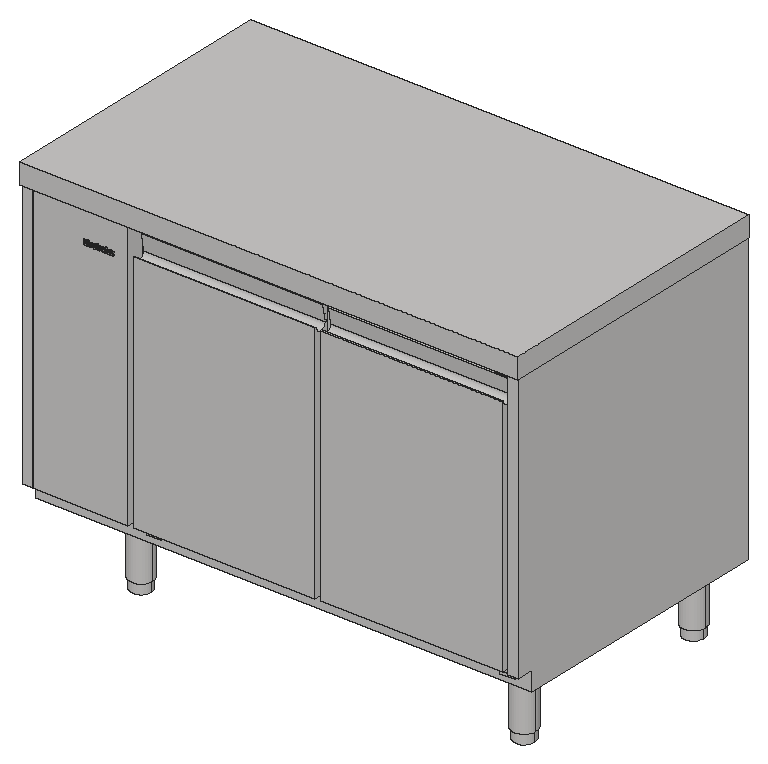
Revit family "QF_ELECTROLUXPROFESSIONAL_710297_EH2MRAA", category Specialty Equipment, Revit 2018
Family settings
  Round Connector Dimension = Use Diameter
  Part Type = Normal
  Work Plane-Based = No
  Always vertical = Yes
  Cut with Voids When Loaded = No
  Shared = No
  Room Calculation Point = No
Parameters
  Weight = 0.00 kg
  Watts = 0 W
  Volts = 220 V
  URL Manufacturer = "http://professional.electrolux.com/"
  URL = "http://professional.electrolux.com/"
  Steam Supply Size = 0 mm
  Steam Supply Minimum Pressure = 0.0 Pa
  Steam Supply Maximum Pressure = 0.0 Pa
  Steam Pounds per Hour = 0
  Show Logo [instance] = yes
  Show Clearance [instance] = yes
  Refrigeration Suction Line Size = 0 mm
  Refrigeration Liquid Line Size = 0 mm
  Refrigerant Compressor Remote = yes
  Manufacturer = "Electrolux"
  Phase = 1
  Model = "EH2KRAA"
  Length Actual = 1207 mm  # constant formula
  Item Number = "710096"
  Hot Water Size = 0 mm
  Height Actual = 900 mm  # constant formula
  HP = "0.1 HP"
  Gas Size = 0 mm
  Gas KW = 0
  Gas Input Pressure = 0 W
  Direct Waste Size = 0 mm
  Description = "FREEZER COUNTER 290 LT,2 DOORS,REMOTE"
  Depth Actual = 700 mm  # constant formula
  Cycle = 0 Hz
  Condensate Return Size = 0 mm
  Compressed Air Volume = 0.0 L/s
  Compressed Air Size = 0 mm
  Compressed Air Pressure = 0.0 Pa
  Cold Water Size = 0 mm
  Accessory = yes
Reference planes
  plane 1 "Center X": y = 182.5
  plane 2: z = 0
  plane 3 "Center Y": x = -57.5
  plane 4: y = -62.5
  plane 5: y = 451.5
  plane 6 "BACK": y = 532.5
  plane 7 "FRONT": y = -167.5
  plane 8: x = -452
  plane 9: x = 478
  plane 10: z = 150
  plane 11 "TOP": z = 900
  plane 12: z = 850
  plane 13: x = -659
  plane 14: x = 544
  plane 15 "LEFT": x = -661
  plane 16 "RIGHT": x = 546
Forms (mm)
  Extrusion 1, solid, material "QF_Finishes_Stainless Steel"
    sketch origin (-57.5, 2, 0) x (0, 1, 0) y (0, 0, 1)
      loop
        line (530.5, 150) -> (530.5, 850) -> (-124.5, 850) -> (-124.5, 150) -> (530.5, 150)
    from -601.5 to 601.5
  Extrusion 2, solid, material "QF_Finishes_Stainless Steel"
    sketch origin (-1022.223, -1524, 150) x (-1, 0, 0) y (0, -1, 0)
      loop
        line (-363.223, -1361.5) -> (-388.223, -1361.5) -> (-388.223, -1401.5) -> (-363.223, -1401.5) -> (-363.223, -1361.5)
      loop
        line (-1566.223, -1401.5) -> (-1541.223, -1401.5) -> (-1541.223, -1361.5) -> (-1566.223, -1361.5) -> (-1566.223, -1401.5)
    from 47 to 700
  Extrusion 3, solid, material "QF_Finishes_Stainless Steel"
    sketch origin (0, 0, 900) x (-1, 0, 0) y (0, -1, 0)
      loop
        circle (-57, -94.5) r 8.45
    from -790.577 to -750
  Extrusion 4, solid, material "QF_Finishes_Stainless Steel"
    sketch origin (0, 0, 0) x (1, 0, 0) y (0, 1, 0)
      loop
        circle (-594, 207.5) r 8.45
    from 127.77 to 150
  Extrusion 5, solid, material "QF_Finishes_Stainless Steel"
    sketch origin (0, 0, 0) x (1, 0, 0) y (0, 1, 0)
      loop
        circle (-578, 162.5) r 4.75
    from 347 to 367
  Extrusion 6, solid, material "QF_Finishes_Stainless Steel"
    sketch origin (0, 0, 0) x (1, 0, 0) y (0, 1, 0)
      loop
        circle (-531, 4.5) r 4
    from 709 to 729
  Extrusion 7, solid, material "QF_Finishes_Stainless Steel"
    sketch origin (0, 0, 0) x (1, 0, 0) y (0, 1, 0)
      loop
        circle (-553, 159.5) r 4
    from 397 to 417
  Extrusion 8, solid, material "QF_Finishes_Stainless Steel"
    sketch origin (-57.5, 0, 0) x (0, 1, 0) y (0, 0, 1)
      loop
        line (-167.5, 900) -> (-167.5, 850) -> (532.5, 850) -> (532.5, 900) -> (-167.5, 900)
    from -603.5 to 603.5
Cuts and joins
  joined: Extrusion 1, Extrusion 2
Lines and regions (mm)
  symbolic lines, style "SpecialityEquipmentHiddenLines"
    curve 1: line (-661, -122.5, 900) -> (546, -122.5, 900)
    curve 2: line (-396, -167.5, 900) -> (-396, -122.5, 900)
  symbolic lines, style "SpecialityEquipment"
    curve 3: line (-661, 532.5, 900) -> (546, 532.5, 900)
    curve 4: line (-661, 532.5, 900) -> (-661, -167.5, 900)
    curve 5: line (-661, -167.5, 900) -> (546, -167.5, 900)
    curve 6: line (546, -167.5, 900) -> (546, 532.5, 900)
Dimensions and locks
  locked: plane 6 "BACK" to plane 7 "FRONT" at 700
  equal spacing: plane 6 "BACK", plane 1 "Center X", plane 7 "FRONT"
  locked: plane 6 "BACK" to plane 5 at 81
  plane 10 to level = 150 mm
  plane 11 "TOP" to plane 12 to plane 10 = 50 mm locked, 700 mm locked
  locked: Extrusion 2 sketch curve to Extrusion 2 sketch curve at 25  (x2)
  locked: plane 4 to plane 7 "FRONT" at 105
  locked: plane 6 "BACK" to Extrusion 3 sketch curve at 438
  equal spacing: plane 13, plane 3 "Center Y", plane 14
  plane 15 "LEFT" to plane 16 "RIGHT" = 1207 mm
  locked: plane 13 to plane 8 at 207
  locked: plane 9 to plane 14 at 66
  locked: Extrusion 3 sketch curve to plane 14 at 487
  plane 6 "BACK" to Extrusion 4 sketch curve = 325 mm
  locked: plane 13 to Extrusion 4 sketch curve at 65
  locked: plane 13 to Extrusion 7 sketch curve at 106
  locked: plane 6 "BACK" to Extrusion 7 sketch curve at 373
  locked: plane 6 "BACK" to Extrusion 5 sketch curve at 370
  locked: plane 13 to Extrusion 5 sketch curve at 81
  plane 13 to Extrusion 6 sketch curve = 128 mm
  plane 6 "BACK" to Extrusion 6 sketch curve = 528 mm
  locked: plane 10 to Extrusion 4 at 22.23
  cut or joined group of Extrusion 1, Extrusion 2 to Extrusion 5 to Extrusion 5 to Extrusion 7 to Extrusion 7 to Extrusion 6 to Extrusion 6 = 197 mm locked, 20 mm locked, 30 mm locked, 20 mm locked, 292 mm locked, 20 mm locked
  aligned and locked: level to plane 2
  aligned and locked: plane 10 to Extrusion 3
  aligned and locked: nested 4 to plane 4
  aligned and locked: nested 1 to plane 4
  aligned and locked: nested 3 to plane 5
  aligned and locked: nested 2 to plane 5
  aligned and locked: plane 8 to nested 1
  aligned and locked: plane 8 to nested 2
  aligned and locked: plane 9 to nested 4
  aligned and locked: plane 9 to nested 3
  aligned and locked: Extrusion 1 to Extrusion 2
  aligned and locked: Extrusion 2 to Extrusion 1
  aligned and locked: Extrusion 2 sketch curve to plane 14
  aligned and locked: plane 13 to Extrusion 2 sketch curve
  aligned and locked: plane 12 to nested 5
  aligned and locked: cut or joined group of Extrusion 1, Extrusion 2 to plane 10
  aligned and locked: plane 12 to cut or joined group of Extrusion 1, Extrusion 2
  aligned and locked: plane 10 to Extrusion 4
  aligned and locked: Extrusion 8 to plane 15 "LEFT"
  aligned and locked: plane 6 "BACK" to Extrusion 8
  aligned and locked: plane 16 "RIGHT" to Extrusion 8
  aligned and locked: Extrusion 8 to plane 7 "FRONT"
  aligned and locked: plane 11 "TOP" to Extrusion 8
  aligned and locked: Extrusion 8 to plane 12
Automatic sketch dimensions
  Extrusion 1 sketch curve to plane 10 = 0 mm
  Extrusion 1 sketch curve to plane 12 = 0 mm
  Extrusion 1 sketch curve to plane 6 "BACK" = 0 mm
  plane 7 "FRONT" to Extrusion 1 sketch curve = 45 mm
  plane 7 "FRONT" to Extrusion 2 sketch curve = 45 mm  (x2)
  plane 7 "FRONT" to Extrusion 2 sketch curve = 5 mm  (x2)
  curve 6 to plane 6 "BACK" = 0 mm
  curve 6 to plane 16 "RIGHT" = 0 mm
  curve 2 to plane 7 "FRONT" = 0 mm
  curve 5 to plane 15 "LEFT" = 0 mm
  plane 8 to curve 2 = 56 mm
  plane 7 "FRONT" to curve 1 = 45 mm
  Extrusion 8 sketch curve to plane 7 "FRONT" = 0 mm
  Extrusion 8 sketch curve to plane 6 "BACK" = 0 mm
  Extrusion 8 sketch curve to plane 12 = 0 mm
  Extrusion 8 sketch curve to plane 11 "TOP" = 0 mm
  radius of Extrusion 3 sketch curve = 8.45 mm
  radius of Extrusion 4 sketch curve = 8.45 mm
  radius of Extrusion 5 sketch curve = 4.75 mm
  radius of Extrusion 6 sketch curve = 4 mm
  radius of Extrusion 7 sketch curve = 4 mm
Nested families
  nested 1: "Foot_Ø50_H150" at (-452, -62.5, 0), type "Foot_Ø50_H150"
  nested 2: "Foot_Ø50_H150" at (-452, 451.5, 0), type "Foot_Ø50_H150"
  nested 3: "Foot_Ø50_H150" at (478, 451.5, 0), type "Foot_Ø50_H150"
  nested 4: "Foot_Ø50_H150" at (478, -62.5, 0), type "Foot_Ø50_H150"
  nested 5: "ELX_Cooling Unit_Remote" at (-518.5, -164.5, 0), Show Logo <- "Show Logo", type "ELX_Cooling Unit_Remote"
  nested 6: "Door" at (285, -164.5, 0), Show Clearance <- "Show Clearance", type "Door"
  nested 7: "Door" at (-169, -164.5, 0) x (-1, 0, 0) z (0, 0, 1), Show Clearance <- "Show Clearance", type "Door"
  nested 8: "Freezer" at (544, -167.5, 900), type "Freezer"
Connectors
  piping at (-594, 207.5, 127.77), diameter 17
    settings: on Extrusion 4, index 1, connector inside diameter 609.6 mm, connector length 0 mm, flow factor 0, pipe flow 0.0 L/s, pressure drop 0.0 Pa, fitting loss kfactor 0, connector angle 0.00°, fixture units 0, engagement length 0 mm, angle of deflection 0.00°, flow configuration 1, flow direction 2, fitting loss method 0, system type 16, joint type 0, gender type 0, connector reference index -1, connector utility 0, adjustable connector no, is connector primary yes, connector description "Drain"
  piping at (-578, 162.5, 347), diameter 2895.6
    settings: on Extrusion 5, index 2, connector inside diameter 609.6 mm, connector length 0 mm, flow factor 0, pipe flow 0.0 L/s, pressure drop 0.0 Pa, fitting loss kfactor 0, connector angle 0.00°, fixture units 0, engagement length 0 mm, angle of deflection 0.00°, flow configuration 1, flow direction 2, fitting loss method 0, system type 8, joint type 0, gender type 0, connector reference index -1, connector utility 0, adjustable connector no, is connector primary no, connector description "Refrigerant Outlet"
  piping at (-553, 159.5, 397), diameter 2438.4
    settings: on Extrusion 7, index 3, connector inside diameter 609.6 mm, connector length 0 mm, flow factor 0, pipe flow 0.0 L/s, pressure drop 0.0 Pa, fitting loss kfactor 0, connector angle 0.00°, fixture units 0, engagement length 0 mm, angle of deflection 0.00°, flow configuration 1, flow direction 1, fitting loss method 0, system type 7, joint type 0, gender type 0, connector reference index -1, connector utility 0, adjustable connector no, is connector primary no, connector description "Refrigerant Inlet"
  electrical at (-531, 4.5, 709)
    settings: on Extrusion 6, index 4, voltage 0 V, apparent load 0 VA, apparent load phase1 0 VA, apparent load phase2 0 VA, apparent load phase3 0 VA, power factor 1, load classification "Altro", number of poles 1, system type 30, power factor state 1, is connector primary yes, connector utility no, sub classification motor no, connector description "Electrical Connection"
  piping at (57, 94.5, 109.423), diameter 17
    settings: on Extrusion 3, index 5, connector inside diameter 609.6 mm, connector length 0 mm, flow factor 0, pipe flow 0.0 L/s, pressure drop 0.0 Pa, fitting loss kfactor 0, connector angle 0.00°, fixture units 0, engagement length 0 mm, angle of deflection 0.00°, flow configuration 1, flow direction 2, fitting loss method 0, system type 16, joint type 0, gender type 0, connector reference index -1, connector utility 0, adjustable connector no, is connector primary no, connector description "Drain"
Definition of nested family "Foot_Ø50_H150"
  Reference planes
    plane 1 "Centro (Fronte/Retro)": y = 0
    plane 2: z = 0
    plane 3 "Centro (Sinistra/Destra)": x = 0
    plane 4: z = 150
  Forms (mm)
    Revolve 1, solid
      sketch origin (255.05, 0, 608.09) x (0, 0, 1) y (-1, 0, 0)
        loop
          line (-608.09, 255.05) -> (-608.09, 230.05) -> (-583.09, 230.05) -> (-583.09, 226.05) -> (-458.09, 226.05) -> (-458.09, 255.05) -> (-608.09, 255.05)
        axis (-608.09, 255.05) -> (-458.09, 255.05)
      angle from 0 to 360
  Dimensions and locks
    locked: Revolve 1 sketch curve to Revolve 1 sketch curve at 125
    aligned and locked: level to plane 2
    aligned and locked: plane 4 to Revolve 1 sketch curve
    aligned and locked: Revolve 1 sketch curve to level
    aligned and locked: plane 3 "Centro (Sinistra/Destra)" to Revolve 1 sketch curve
Definition of nested family "ELX_Cooling Unit_Remote"
  Parameters
    Show Logo [instance] = yes
  Reference planes
    plane 1 "FRONT": y = -3
    plane 2: z = 0
    plane 3 "Centro (Sinistra/Destra)": x = 0
    plane 4: z = 150
    plane 5: z = 850
    plane 6: x = -115.5
    plane 7: x = 115.5
  Forms (mm)
    Extrusion 1, solid
      sketch origin (0, 55, 511) x (0, 0, 1) y (0, -1, 0)
        loop
          line (-314, 53) -> (-314, 13) -> (339, 13) -> (339, 53) -> (-314, 53)
      from -115.5 to 115.5
  Lines and regions (mm)
    Split face 1
      outline origin (0, 2, 197) x (0, 0, 1) y (-1, 0, 0)
        loop
          line (622.361, 88.738) -> (620.361, 90.738) -> (551.361, 90.738) -> (549.361, 88.738) -> (549.361, -88.738) -> (551.361, -90.738) -> (620.361, -90.738) -> (622.361, -88.738) -> (622.361, 88.738)
    Split face 2
      outline origin (0, 2, 197) x (0, 0, 1) y (-1, 0, 0)
        loop
          line (601.861, 71.967) -> (561.861, 71.967) -> (561.861, 6.967) -> (601.861, 6.967) -> (601.861, 71.967)
    Split face 3
      outline origin (0, 2, 197) x (0, 0, 1) y (-1, 0, 0)
        loop
          line (611.961, -90.738) -> (611.961, -8.712) -> (617.061, 0.121) -> (617.061, 90.738)
  Dimensions and locks
    aligned and locked: level to plane 2
  Nested families
    nested 1: "ELX_Logo_S_New" at (45.369, 2, 777.661) x (1, 0, 0) z (0, -1, 0), type "ELX_Logo_S_New"
  Definition of nested family "ELX_Logo_S_New"
    Parameters
      Default Elevation = 0 mm
    Reference planes
      plane 1 "Centro (Fronte/Retro)": y = 0
      plane 2: z = 0
      plane 3 "Centro (Sinistra/Destra)": x = 0
    Forms (mm)
      Extrusion 1, solid
        sketch origin (0, 0, 0) x (1, 0, 0) y (0, 1, 0)
          loop
            line (-1219.2, 1219.2) -> (-1219.2, -1219.2) -> (1219.2, -1219.2) -> (1219.2, 1219.2) -> (-1219.2, 1219.2)
        from 0 to -304.8
      Extrusion 2, solid
        sketch origin (0, 0, 0) x (1, 0, 0) y (0, 1, 0)
          loop
            spline (-32.537, -4.135) -> (-32.702, -4.128) -> (-32.877, -4.105) -> (-33.059, -4.064) -> (-33.242, -4.002) -> (-33.422, -3.916) -> (-33.593, -3.803) -> (-33.751, -3.66) -> (-33.891, -3.486) -> (-34.008, -3.276) -> (-34.098, -3.029) -> (-34.155, -2.741) -> (-34.176, -2.41)
            line (-34.176, -2.41) -> (-34.176, -0.943) -> (-29.331, -0.943) -> (-29.331, 0.928) -> (-34.176, 0.928) -> (-34.176, 3.652) -> (-29.023, 3.652) -> (-29.023, 5.518) -> (-36.159, 5.518) -> (-36.159, -2.326)
            spline (-36.159, -2.326) -> (-36.142, -2.808) -> (-36.088, -3.263) -> (-35.996, -3.688) -> (-35.867, -4.083) -> (-35.698, -4.445) -> (-35.489, -4.773) -> (-35.239, -5.066) -> (-34.946, -5.322) -> (-34.61, -5.539) -> (-34.23, -5.716) -> (-33.804, -5.851) -> (-33.332, -5.943)
            line (-33.332, -5.943) -> (-32.554, -5.999) -> (-28.885, -5.999) -> (-28.885, -4.135) -> (-32.537, -4.135)
          loop
            line (-27.476, 0.076) -> (-27.476, -6.002) -> (-25.492, -6.002) -> (-25.492, 5.521) -> (-27.476, 5.521) -> (-27.476, 0.076)
          loop
            spline (-15.702, -2.321) -> (-15.689, -1.697) -> (-15.749, -1.094) -> (-15.879, -0.516) -> (-16.078, 0.029) -> (-16.341, 0.538) -> (-16.668, 1.004) -> (-17.055, 1.422) -> (-17.5, 1.786) -> (-17.999, 2.091) -> (-18.552, 2.331) -> (-19.154, 2.5) -> (-19.804, 2.594)
            spline (-19.804, 2.594) -> (-20.422, 2.558) -> (-21.009, 2.453) -> (-21.56, 2.28) -> (-22.072, 2.042) -> (-22.54, 1.743) -> (-22.96, 1.385) -> (-23.327, 0.97) -> (-23.638, 0.502) -> (-23.887, -0.018) -> (-24.07, -0.586) -> (-24.183, -1.2) -> (-24.222, -1.857)
            spline (-24.222, -1.857) -> (-24.184, -2.498) -> (-24.074, -3.097) -> (-23.895, -3.652) -> (-23.651, -4.16) -> (-23.344, -4.618) -> (-22.979, -5.023) -> (-22.559, -5.374) -> (-22.087, -5.667) -> (-21.567, -5.899) -> (-21.003, -6.068) -> (-20.397, -6.172) -> (-19.754, -6.207)
            spline (-19.754, -6.207) -> (-19.44, -6.2) -> (-19.13, -6.176) -> (-18.823, -6.135) -> (-18.52, -6.074) -> (-18.221, -5.993) -> (-17.925, -5.89) -> (-17.634, -5.762) -> (-17.346, -5.609) -> (-17.062, -5.43) -> (-16.782, -5.221) -> (-16.506, -4.983) -> (-16.234, -4.713)
            line (-16.234, -4.713) -> (-17.429, -3.55)
            spline (-17.429, -3.55) -> (-17.587, -3.702) -> (-17.745, -3.841) -> (-17.906, -3.967) -> (-18.07, -4.08) -> (-18.239, -4.181) -> (-18.415, -4.268) -> (-18.599, -4.343) -> (-18.792, -4.404) -> (-18.996, -4.452) -> (-19.213, -4.486) -> (-19.443, -4.506) -> (-19.688, -4.513)
            spline (-19.688, -4.513) -> (-20.047, -4.496) -> (-20.383, -4.443) -> (-20.696, -4.358) -> (-20.984, -4.24) -> (-21.246, -4.092) -> (-21.479, -3.915) -> (-21.683, -3.711) -> (-21.856, -3.48) -> (-21.997, -3.224) -> (-22.104, -2.945) -> (-22.176, -2.643) -> (-22.212, -2.321)
            line (-22.212, -2.321) -> (-15.702, -2.321)
          loop
            spline (-17.695, -0.926) -> (-17.714, -0.681) -> (-17.771, -0.445) -> (-17.861, -0.221) -> (-17.984, -0.01) -> (-18.135, 0.184) -> (-18.314, 0.36) -> (-18.516, 0.516) -> (-18.741, 0.648) -> (-18.984, 0.755) -> (-19.244, 0.834) -> (-19.518, 0.883) -> (-19.804, 0.9)
            spline (-19.804, 0.9) -> (-20.11, 0.884) -> (-20.405, 0.835) -> (-20.686, 0.757) -> (-20.95, 0.652) -> (-21.195, 0.521) -> (-21.419, 0.367) -> (-21.618, 0.192) -> (-21.79, -0.003) -> (-21.934, -0.214) -> (-22.045, -0.439) -> (-22.122, -0.678) -> (-22.162, -0.926)
            line (-22.162, -0.926) -> (-17.695, -0.926)
          loop
            spline (-12.669, -1.807) -> (-12.646, -1.438) -> (-12.58, -1.088) -> (-12.472, -0.759) -> (-12.326, -0.455) -> (-12.145, -0.177) -> (-11.93, 0.072) -> (-11.685, 0.289) -> (-11.412, 0.473) -> (-11.114, 0.62) -> (-10.793, 0.728) -> (-10.453, 0.794) -> (-10.095, 0.817)
            spline (-10.095, 0.817) -> (-9.876, 0.81) -> (-9.665, 0.79) -> (-9.464, 0.756) -> (-9.271, 0.709) -> (-9.086, 0.65) -> (-8.908, 0.578) -> (-8.737, 0.495) -> (-8.572, 0.399) -> (-8.414, 0.292) -> (-8.261, 0.173) -> (-8.113, 0.044) -> (-7.969, -0.096)
            line (-7.969, -0.096) -> (-6.741, 1.183)
            spline (-6.741, 1.183) -> (-6.985, 1.427) -> (-7.237, 1.647) -> (-7.496, 1.843) -> (-7.762, 2.015) -> (-8.034, 2.164) -> (-8.312, 2.291) -> (-8.596, 2.397) -> (-8.886, 2.482) -> (-9.181, 2.546) -> (-9.481, 2.592) -> (-9.786, 2.619) -> (-10.095, 2.627)
            spline (-10.095, 2.627) -> (-10.715, 2.589) -> (-11.308, 2.476) -> (-11.871, 2.294) -> (-12.396, 2.046) -> (-12.88, 1.736) -> (-13.316, 1.369) -> (-13.7, 0.949) -> (-14.026, 0.48) -> (-14.289, -0.035) -> (-14.483, -0.59) -> (-14.604, -1.182) -> (-14.645, -1.807)
            spline (-14.645, -1.807) -> (-14.604, -2.431) -> (-14.483, -3.023) -> (-14.289, -3.578) -> (-14.026, -4.093) -> (-13.7, -4.562) -> (-13.316, -4.983) -> (-12.88, -5.35) -> (-12.396, -5.659) -> (-11.871, -5.907) -> (-11.308, -6.09) -> (-10.715, -6.202) -> (-10.095, -6.24)
            spline (-10.095, -6.24) -> (-9.786, -6.232) -> (-9.481, -6.205) -> (-9.181, -6.16) -> (-8.886, -6.095) -> (-8.596, -6.01) -> (-8.312, -5.904) -> (-8.034, -5.777) -> (-7.762, -5.628) -> (-7.496, -5.456) -> (-7.237, -5.26) -> (-6.985, -5.04) -> (-6.741, -4.796)
            line (-6.741, -4.796) -> (-7.969, -3.517)
            spline (-7.969, -3.517) -> (-8.113, -3.657) -> (-8.261, -3.786) -> (-8.414, -3.905) -> (-8.572, -4.012) -> (-8.737, -4.108) -> (-8.908, -4.192) -> (-9.086, -4.263) -> (-9.271, -4.323) -> (-9.464, -4.369) -> (-9.665, -4.403) -> (-9.876, -4.423) -> (-10.095, -4.43)
            spline (-10.095, -4.43) -> (-10.453, -4.408) -> (-10.793, -4.341) -> (-11.114, -4.233) -> (-11.412, -4.086) -> (-11.685, -3.902) -> (-11.93, -3.685) -> (-12.145, -3.436) -> (-12.326, -3.158) -> (-12.472, -2.854) -> (-12.58, -2.526) -> (-12.646, -2.176) -> (-12.669, -1.807)
          loop
            spline (-1.683, -4.138) -> (-1.858, -4.14) -> (-2.045, -4.127) -> (-2.24, -4.095) -> (-2.438, -4.04) -> (-2.633, -3.959) -> (-2.822, -3.85) -> (-2.998, -3.709) -> (-3.157, -3.533) -> (-3.294, -3.318) -> (-3.404, -3.061) -> (-3.483, -2.76) -> (-3.524, -2.411)
            line (-3.524, -2.411) -> (-3.524, 0.529) -> (-1.72, 0.529) -> (-1.72, 2.331) -> (-3.522, 2.331) -> (-3.522, 5.521) -> (-5.506, 5.521) -> (-5.506, -2.523)
            spline (-5.506, -2.523) -> (-5.463, -2.99) -> (-5.386, -3.429) -> (-5.274, -3.839) -> (-5.126, -4.218) -> (-4.941, -4.564) -> (-4.717, -4.877) -> (-4.455, -5.155) -> (-4.153, -5.396) -> (-3.81, -5.599) -> (-3.425, -5.762) -> (-2.998, -5.884) -> (-2.528, -5.964)
            line (-2.528, -5.964) -> (-1.69, -6.002) -> (-1.683, -4.138)
          loop
            spline (4.991, 2.446) -> (4.648, 2.468) -> (4.318, 2.461) -> (4.001, 2.429) -> (3.699, 2.371) -> (3.413, 2.288) -> (3.142, 2.182) -> (2.89, 2.052) -> (2.655, 1.901) -> (2.439, 1.728) -> (2.244, 1.535) -> (2.069, 1.322) -> (1.917, 1.091)
            line (1.917, 1.091) -> (1.917, 2.33) -> (-0.051, 2.33) -> (-0.051, -6.002) -> (1.917, -6.002) -> (1.917, -1.621)
            spline (1.917, -1.621) -> (1.935, -1.288) -> (1.988, -0.979) -> (2.075, -0.693) -> (2.195, -0.432) -> (2.345, -0.197) -> (2.526, 0.01) -> (2.736, 0.189) -> (2.972, 0.338) -> (3.235, 0.456) -> (3.522, 0.541) -> (3.832, 0.594) -> (4.165, 0.611)
            line (4.165, 0.611) -> (4.991, 0.529) -> (4.991, 2.446)
          loop
            spline (14.388, -1.836) -> (14.347, -1.224) -> (14.226, -0.642) -> (14.031, -0.093) -> (13.768, 0.418) -> (13.441, 0.887) -> (13.057, 1.308) -> (12.621, 1.677) -> (12.137, 1.989) -> (11.612, 2.24) -> (11.051, 2.425) -> (10.459, 2.539) -> (9.842, 2.578)
            spline (9.842, 2.578) -> (9.221, 2.539) -> (8.627, 2.425) -> (8.064, 2.24) -> (7.539, 1.989) -> (7.056, 1.677) -> (6.62, 1.308) -> (6.237, 0.887) -> (5.912, 0.418) -> (5.65, -0.093) -> (5.456, -0.642) -> (5.336, -1.224) -> (5.295, -1.836)
            spline (5.295, -1.836) -> (5.336, -2.447) -> (5.456, -3.029) -> (5.65, -3.578) -> (5.912, -4.089) -> (6.237, -4.558) -> (6.62, -4.979) -> (7.056, -5.348) -> (7.539, -5.66) -> (8.064, -5.911) -> (8.627, -6.096) -> (9.221, -6.211) -> (9.842, -6.25)
            spline (9.842, -6.25) -> (10.459, -6.211) -> (11.051, -6.096) -> (11.612, -5.911) -> (12.137, -5.66) -> (12.621, -5.348) -> (13.057, -4.979) -> (13.441, -4.558) -> (13.768, -4.089) -> (14.031, -3.578) -> (14.226, -3.029) -> (14.347, -2.447) -> (14.388, -1.836)
          loop
            spline (12.42, -1.836) -> (12.397, -1.475) -> (12.33, -1.131) -> (12.222, -0.807) -> (12.075, -0.504) -> (11.893, -0.227) -> (11.677, 0.022) -> (11.431, 0.241) -> (11.157, 0.426) -> (10.859, 0.575) -> (10.538, 0.685) -> (10.198, 0.753) -> (9.842, 0.777)
            spline (9.842, 0.777) -> (9.482, 0.753) -> (9.14, 0.685) -> (8.818, 0.575) -> (8.519, 0.426) -> (8.246, 0.241) -> (8.001, 0.022) -> (7.786, -0.227) -> (7.605, -0.504) -> (7.459, -0.807) -> (7.352, -1.131) -> (7.286, -1.475) -> (7.263, -1.836)
            spline (7.263, -1.836) -> (7.286, -2.196) -> (7.352, -2.54) -> (7.459, -2.865) -> (7.605, -3.167) -> (7.786, -3.444) -> (8.001, -3.694) -> (8.246, -3.912) -> (8.519, -4.098) -> (8.818, -4.247) -> (9.14, -4.357) -> (9.482, -4.425) -> (9.842, -4.448)
            spline (9.842, -4.448) -> (10.198, -4.425) -> (10.538, -4.357) -> (10.859, -4.247) -> (11.157, -4.098) -> (11.431, -3.912) -> (11.677, -3.694) -> (11.893, -3.444) -> (12.075, -3.167) -> (12.222, -2.865) -> (12.33, -2.54) -> (12.397, -2.196) -> (12.42, -1.836)
          loop
            line (15.608, 0.275) -> (15.608, -6.002) -> (17.593, -6.002) -> (17.593, 5.521) -> (15.608, 5.521) -> (15.608, 0.275)
          loop
            line (24.747, 2.33) -> (24.747, -2.513)
            spline (24.747, -2.513) -> (24.731, -2.828) -> (24.685, -3.112) -> (24.61, -3.366) -> (24.507, -3.59) -> (24.38, -3.785) -> (24.229, -3.952) -> (24.056, -4.091) -> (23.863, -4.203) -> (23.652, -4.29) -> (23.425, -4.35) -> (23.183, -4.386) -> (22.928, -4.398)
            spline (22.928, -4.398) -> (22.674, -4.386) -> (22.432, -4.35) -> (22.205, -4.29) -> (21.994, -4.204) -> (21.802, -4.092) -> (21.629, -3.954) -> (21.478, -3.788) -> (21.35, -3.595) -> (21.248, -3.373) -> (21.173, -3.122) -> (21.126, -2.841) -> (21.11, -2.53)
            line (21.11, -2.53) -> (21.11, 2.33) -> (19.11, 2.33) -> (19.11, -2.696)
            spline (19.11, -2.696) -> (19.145, -3.265) -> (19.248, -3.783) -> (19.413, -4.25) -> (19.636, -4.667) -> (19.912, -5.033) -> (20.236, -5.349) -> (20.603, -5.616) -> (21.008, -5.833) -> (21.446, -6.001) -> (21.913, -6.121) -> (22.403, -6.193) -> (22.912, -6.217)
            spline (22.912, -6.217) -> (23.425, -6.193) -> (23.92, -6.12) -> (24.39, -5.998) -> (24.832, -5.828) -> (25.241, -5.607) -> (25.611, -5.337) -> (25.937, -5.016) -> (26.216, -4.645) -> (26.441, -4.222) -> (26.608, -3.749) -> (26.711, -3.223) -> (26.747, -2.646)
            line (26.747, -2.646) -> (26.747, 2.33) -> (24.747, 2.33)
          loop
            line (34.253, -3.337) -> (33.002, -1.588) -> (34.551, 0.523) -> (35.878, 2.33) -> (33.713, 2.33) -> (31.91, -0.166) -> (30.092, 2.33) -> (27.943, 2.33) -> (29.175, 0.645) -> (30.82, -1.604) -> (29.096, -4.004) -> (27.662, -6.002) -> (29.794, -6.002) -> (31.91, -3.059) -> (34.027, -6.002) -> (36.159, -6.002) -> (34.253, -3.337)
        from 0 to 1.644
    Dimensions and locks
      aligned and locked: plane 2 to Extrusion 1
      aligned and locked: level to Extrusion 1
Definition of nested family "Door"
  Parameters
    Show Clearance [instance] = yes
  Reference planes
    plane 1 "FRONT": y = -3
    plane 2: z = 0
    plane 3 "Centro (Sinistra/Destra)": x = 0
    plane 4: z = 150
    plane 5: z = 850
    plane 6: x = -234
    plane 7: x = 234
    plane 8: x = -220
    plane 9: x = 220
  Forms (mm)
    Extrusion 1, solid
      sketch origin (0, 53, 511) x (0, 0, 1) y (0, -1, 0)
        loop
          line (-323.003, 28.5) -> (-316.501, 28.5) -> (-316.501, 31) -> (-325.503, 31) -> (-325.503, 13.5) -> (-345.503, 13.5) -> (-345.503, 11) -> (-323.003, 11) -> (-323.003, 23.259) -> (-323.003, 28.5)
        loop
          line (-314, 27) -> (-316.501, 27) -> (-316.501, 18.501) -> (-319.752, 18.501) -> (-319.752, 16) -> (-314, 16) -> (-314, 27)
        loop
          line (315.003, 27) -> (315.003, 13.948) -> (315.003, 11) -> (327.503, 11) -> (327.503, 13.5) -> (317.503, 13.5) -> (317.503, 27) -> (315.003, 27)
      from 185 to 220
    Extrusion 2, solid, visible <- "Show Clearance", detail levels coarse
      sketch origin (0, 53, 511) x (0, -1, 0) y (1, 0, 0)
        loop
          line (51, 220) -> (51, -220)
          arc (51, -220) -> (339.234, -79.44) -> (454, 220) r 437.168
          line (454, 220) -> (51, 220)
      from -314 to 314
    Extrusion 3, solid
      sketch origin (0, 55, 511) x (0, 0, 1) y (0, -1, 0)
        loop
          line (314, 18) -> (314, 29) -> (274.395, 22.5)
          arc (274.395, 22.5) -> (260.395, 36.5) -> (274.395, 50.5) r 14
          line (274.395, 50.5) -> (274.395, 53) -> (-314, 53) -> (-314, 18) -> (314, 18)
      from -220 to 220
  Lines and regions (mm)
    symbolic lines
      curve 1: line (220, -3, 0) -> (220, -401, 0)
      curve 2: line (220, -401, 0) -> (185, -401, 0)
      curve 3: line (185, -401, 0) -> (185, -3, 0)
      curve 4: arc (-219.722, -3, 0) -> (-89.51, -275.368, 0) -> (185, -401, 0) r 442.855
  Dimensions and locks
    aligned and locked: level to plane 2
Definition of nested family "Freezer"
  Reference planes
    plane 1 "Center (Front/Back)": y = 0
    plane 2: z = 0
    plane 3 "Center (Left/Right)": x = 0
  Lines and regions (mm)
    detail lines, in view "Ref. Level"
      curve 1: spline (-500, 190, 0) -> (-493.185, 166.706, 0) -> (-473.205, 145, 0) -> (-441.421, 126.36, 0) -> (-400, 112.058, 0) -> (-351.764, 103.067, 0) -> (-300, 100, 0) -> (-248.236, 103.067, 0) -> (-200, 112.058, 0) -> (-158.579, 126.36, 0) -> (-126.795, 145, 0) -> (-106.815, 166.706, 0) -> (-100, 190, 0) -> (-106.815, 213.294, 0) -> (-126.795, 235, 0) -> (-158.579, 253.64, 0) -> (-200, 267.942, 0) -> (-248.236, 276.933, 0) -> (-300, 280, 0) -> (-351.764, 276.933, 0) -> (-400, 267.942, 0) -> (-441.421, 253.64, 0) -> (-473.205, 235, 0) -> (-493.185, 213.294, 0) -> (-500, 190, 0)
      curve 2: line (-220, 130, 0) -> (-220, 250, 0)
      curve 3: line (-271.962, 220, 0) -> (-168.038, 160, 0)
      curve 4: line (-271.962, 160, 0) -> (-168.038, 220, 0)
      curve 5: line (-200.884, 246.873, 0) -> (-220, 225, 0)
      curve 6: line (-220, 225, 0) -> (-239.116, 246.873, 0)
      curve 7: line (-250.311, 207.5, 0) -> (-260, 235.883, 0)
      curve 8: line (-279.736, 201.7, 0) -> (-250.311, 207.5, 0)
      curve 9: line (-250.311, 172.5, 0) -> (-279.736, 178.3, 0)
      curve 10: line (-260, 144.117, 0) -> (-250.311, 172.5, 0)
      curve 11: line (-220, 155, 0) -> (-239.116, 133.127, 0)
      curve 12: line (-200.884, 133.127, 0) -> (-220, 155, 0)
      curve 13: line (-189.689, 172.5, 0) -> (-180.304, 145.008, 0)
      curve 14: line (-161.188, 178.118, 0) -> (-189.689, 172.5, 0)
      curve 15: line (-189.689, 207.5, 0) -> (-161.188, 201.882, 0)
      curve 16: line (-180.304, 234.992, 0) -> (-189.689, 207.5, 0)
      curve 17: line (-380, 130, 0) -> (-380, 250, 0)
      curve 18: line (-431.962, 220, 0) -> (-328.038, 160, 0)
      curve 19: line (-431.962, 160, 0) -> (-328.038, 220, 0)
      curve 20: line (-360.884, 246.873, 0) -> (-380, 225, 0)
      curve 21: line (-380, 225, 0) -> (-399.116, 246.873, 0)
      curve 22: line (-410.311, 207.5, 0) -> (-419.696, 234.992, 0)
      curve 23: line (-438.812, 201.882, 0) -> (-410.311, 207.5, 0)
      curve 24: line (-410.311, 172.5, 0) -> (-438.812, 178.118, 0)
      curve 25: line (-419.696, 145.008, 0) -> (-410.311, 172.5, 0)
      curve 26: line (-380, 155, 0) -> (-399.116, 133.127, 0)
      curve 27: line (-360.884, 133.127, 0) -> (-380, 155, 0)
      curve 28: line (-349.689, 172.5, 0) -> (-340, 144.117, 0)
      curve 29: line (-320.264, 178.3, 0) -> (-349.689, 172.5, 0)
      curve 30: line (-349.689, 207.5, 0) -> (-320.264, 201.7, 0)
      curve 31: line (-340, 235.883, 0) -> (-349.689, 207.5, 0)
